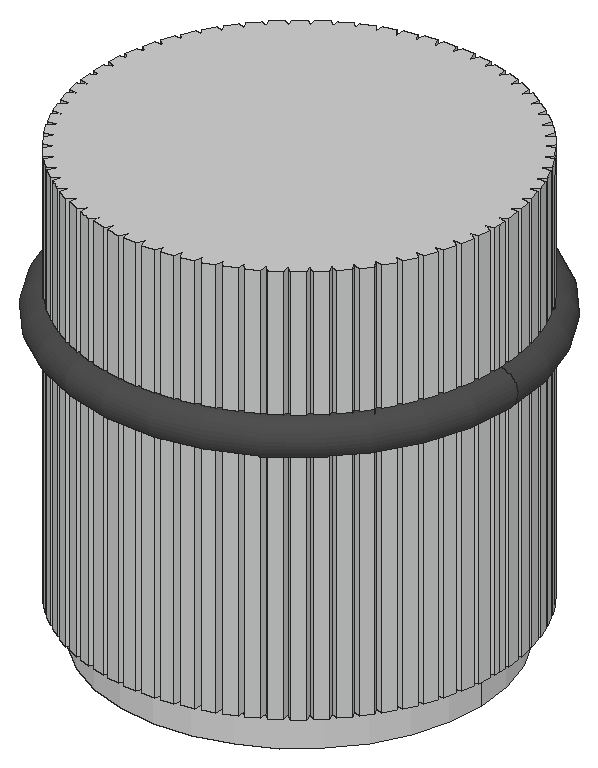
Revit family "ALMA-Jakob_Linear_Door_Stop", category Specialty Equipment, Revit 2026
Family settings
  Round Connector Dimension = Use Diameter
  Part Type = Normal
  Work Plane-Based = Yes
  Enable Cutting in Views = Yes
  Always vertical = Yes
  Cut with Voids When Loaded = No
  Maintain Annotation Orientation = No
  Shared = No
  Room Calculation Point = No
Parameters (values of type "CHROME")
  DoorStop_Material = BM_CHROME
  Default Elevation = 1219.2 mm
Types (7, lengths in mm): name | DoorStop_Material
  (no name) | BM_CHROME
  MATTE BLACK | BM_MATTE BLACK
  BRUSHED GUNMETAL | BM_GUNMETAL
  BRUSHED BRASS GOLD | BM_BRASS GOLD
  BRUSHED NICKEL | BM_NICKEL
  BRUSHED ANTIQUE BRASS | BM_ANTIQUE BRASS
  CHROME | BM_CHROME
Reference planes
  plane 1 "Center (Front/Back)": y = 0
  plane 2: z = 0
  plane 3 "Center (Left/Right)": x = 0
  plane 4: x = -11
  plane 5: x = 11
  plane 6: z = 24
  plane 7: z = 17
  plane 8: z = 2.021
  plane 9: z = 15.021
  plane 10: y = -11
  plane 11: y = 11
Forms (mm)
  Extrusion 1, solid, material "Stainless Steel_Base Plate"
    sketch origin (0, 0, 0) x (1, 0, 0) y (0, 1, 0)
      loop
        circle (0, 0) r 10
    from 0 to 2
  Extrusion 2, solid, material "BM_CHROME" <- "DoorStop_Material", detail levels medium+fine
    sketch origin (0, 0, 2) x (1, 0, 0) y (0, 1, 0)
      loop
        circle (0, 0) r 11
    from 0 to 22
  Extrusion 3, void
    sketch origin (0, 0.512, 0) x (1, 0, 0) y (0, 1, 0)
      loop
        line (0, 10.109) -> (0.4, 11.099) -> (-0.4, 11.099) -> (0, 10.109)
    from 2 to 24
  Extrusion 4, void
    sketch origin (-0.046, 0.51, 0) x (0.995974, 0.089639, 0) y (-0.089639, 0.995974, 0)
      loop
        line (0, 10.109) -> (0.4, 11.099) -> (-0.4, 11.099) -> (0, 10.109)
    from 2 to 24
  Extrusion 5, void
    sketch origin (0.046, 0.51, 0) x (0.995974, -0.089639, 0) y (0.089639, 0.995974, 0)
      loop
        line (0, 10.109) -> (0.4, 11.099) -> (-0.4, 11.099) -> (0, 10.109)
    from 2 to 24
  Extrusion 6, void
    sketch origin (0.091, 0.504, 0) x (0.98393, -0.178557, 0) y (0.178557, 0.98393, 0)
      loop
        line (0, 10.109) -> (0.4, 11.099) -> (-0.4, 11.099) -> (0, 10.109)
    from 2 to 24
  Extrusion 7, void
    sketch origin (0.136, 0.493, 0) x (0.963963, -0.266037, 0) y (0.266037, 0.963963, 0)
      loop
        line (0, 10.109) -> (0.4, 11.099) -> (-0.4, 11.099) -> (0, 10.109)
    from 2 to 24
  Extrusion 8, void
    sketch origin (0.18, 0.479, 0) x (0.936235, -0.351375, 0) y (0.351375, 0.936235, 0)
      loop
        line (0, 10.109) -> (0.4, 11.099) -> (-0.4, 11.099) -> (0, 10.109)
    from 2 to 24
  Extrusion 9, void
    sketch origin (0.222, 0.461, 0) x (0.900969, -0.433884, 0) y (0.433884, 0.900969, 0)
      loop
        line (0, 10.109) -> (0.4, 11.099) -> (-0.4, 11.099) -> (0, 10.109)
    from 2 to 24
  Extrusion 10, void
    sketch origin (0.263, 0.439, 0) x (0.858449, -0.512899, 0) y (0.512899, 0.858449, 0)
      loop
        line (0, 10.109) -> (0.4, 11.099) -> (-0.4, 11.099) -> (0, 10.109)
    from 2 to 24
  Extrusion 11, void
    sketch origin (0.301, 0.414, 0) x (0.809017, -0.587785, 0) y (0.587785, 0.809017, 0)
      loop
        line (0, 10.109) -> (0.4, 11.099) -> (-0.4, 11.099) -> (0, 10.109)
    from 2 to 24
  Extrusion 12, void
    sketch origin (0.337, 0.386, 0) x (0.753071, -0.657939, 0) y (0.657939, 0.753071, 0)
      loop
        line (0, 10.109) -> (0.4, 11.099) -> (-0.4, 11.099) -> (0, 10.109)
    from 2 to 24
  Extrusion 13, void
    sketch origin (0.37, 0.354, 0) x (0.691063, -0.722795, 0) y (0.722795, 0.691063, 0)
      loop
        line (0, 10.109) -> (0.4, 11.099) -> (-0.4, 11.099) -> (0, 10.109)
    from 2 to 24
  Extrusion 14, void
    sketch origin (0.4, 0.319, 0) x (0.62349, -0.781831, 0) y (0.781831, 0.62349, 0)
      loop
        line (0, 10.109) -> (0.4, 11.099) -> (-0.4, 11.099) -> (0, 10.109)
    from 2 to 24
  Extrusion 15, void
    sketch origin (0.427, 0.282, 0) x (0.550897, -0.834573, 0) y (0.834573, 0.550897, 0)
      loop
        line (0, 10.109) -> (0.4, 11.099) -> (-0.4, 11.099) -> (0, 10.109)
    from 2 to 24
  Extrusion 16, void
    sketch origin (0.451, 0.243, 0) x (0.473869, -0.880596, 0) y (0.880596, 0.473869, 0)
      loop
        line (0, 10.109) -> (0.4, 11.099) -> (-0.4, 11.099) -> (0, 10.109)
    from 2 to 24
  Extrusion 17, void
    sketch origin (0.471, 0.201, 0) x (0.393025, -0.919528, 0) y (0.919528, 0.393025, 0)
      loop
        line (0, 10.109) -> (0.4, 11.099) -> (-0.4, 11.099) -> (0, 10.109)
    from 2 to 24
  Extrusion 18, void
    sketch origin (0.487, 0.158, 0) x (0.309017, -0.951057, 0) y (0.951057, 0.309017, 0)
      loop
        line (0, 10.109) -> (0.4, 11.099) -> (-0.4, 11.099) -> (0, 10.109)
    from 2 to 24
  Extrusion 19, void
    sketch origin (0.499, 0.114, 0) x (0.222521, -0.974928, 0) y (0.974928, 0.222521, 0)
      loop
        line (0, 10.109) -> (0.4, 11.099) -> (-0.4, 11.099) -> (0, 10.109)
    from 2 to 24
  Extrusion 20, void
    sketch origin (0.507, 0.069, 0) x (0.134233, -0.99095, 0) y (0.99095, 0.134233, 0)
      loop
        line (0, 10.109) -> (0.4, 11.099) -> (-0.4, 11.099) -> (0, 10.109)
    from 2 to 24
  Extrusion 21, void
    sketch origin (0.511, 0.023, 0) x (0.044865, -0.998993, 0) y (0.998993, 0.044865, 0)
      loop
        line (0, 10.109) -> (0.4, 11.099) -> (-0.4, 11.099) -> (0, 10.109)
    from 2 to 24
  Extrusion 22, void
    sketch origin (0.511, -0.023, 0) x (-0.044865, -0.998993, 0) y (0.998993, -0.044865, 0)
      loop
        line (0, 10.109) -> (0.4, 11.099) -> (-0.4, 11.099) -> (0, 10.109)
    from 2 to 24
  Extrusion 23, void
    sketch origin (0.507, -0.069, 0) x (-0.134233, -0.99095, 0) y (0.99095, -0.134233, 0)
      loop
        line (0, 10.109) -> (0.4, 11.099) -> (-0.4, 11.099) -> (0, 10.109)
    from 2 to 24
  Extrusion 24, void
    sketch origin (0.499, -0.114, 0) x (-0.222521, -0.974928, 0) y (0.974928, -0.222521, 0)
      loop
        line (0, 10.109) -> (0.4, 11.099) -> (-0.4, 11.099) -> (0, 10.109)
    from 2 to 24
  Extrusion 25, void
    sketch origin (0.487, -0.158, 0) x (-0.309017, -0.951057, 0) y (0.951057, -0.309017, 0)
      loop
        line (0, 10.109) -> (0.4, 11.099) -> (-0.4, 11.099) -> (0, 10.109)
    from 2 to 24
  Extrusion 26, void
    sketch origin (0.471, -0.201, 0) x (-0.393025, -0.919528, 0) y (0.919528, -0.393025, 0)
      loop
        line (0, 10.109) -> (0.4, 11.099) -> (-0.4, 11.099) -> (0, 10.109)
    from 2 to 24
  Extrusion 27, void
    sketch origin (0.451, -0.243, 0) x (-0.473869, -0.880596, 0) y (0.880596, -0.473869, 0)
      loop
        line (0, 10.109) -> (0.4, 11.099) -> (-0.4, 11.099) -> (0, 10.109)
    from 2 to 24
  Extrusion 28, void
    sketch origin (0.427, -0.282, 0) x (-0.550897, -0.834573, 0) y (0.834573, -0.550897, 0)
      loop
        line (0, 10.109) -> (0.4, 11.099) -> (-0.4, 11.099) -> (0, 10.109)
    from 2 to 24
  Extrusion 29, void
    sketch origin (0.4, -0.319, 0) x (-0.62349, -0.781831, 0) y (0.781831, -0.62349, 0)
      loop
        line (0, 10.109) -> (0.4, 11.099) -> (-0.4, 11.099) -> (0, 10.109)
    from 2 to 24
  Extrusion 30, void
    sketch origin (0.37, -0.354, 0) x (-0.691063, -0.722795, 0) y (0.722795, -0.691063, 0)
      loop
        line (0, 10.109) -> (0.4, 11.099) -> (-0.4, 11.099) -> (0, 10.109)
    from 2 to 24
  Extrusion 31, void
    sketch origin (0.337, -0.386, 0) x (-0.753071, -0.657939, 0) y (0.657939, -0.753071, 0)
      loop
        line (0, 10.109) -> (0.4, 11.099) -> (-0.4, 11.099) -> (0, 10.109)
    from 2 to 24
  Extrusion 32, void
    sketch origin (0.301, -0.414, 0) x (-0.809017, -0.587785, 0) y (0.587785, -0.809017, 0)
      loop
        line (0, 10.109) -> (0.4, 11.099) -> (-0.4, 11.099) -> (0, 10.109)
    from 2 to 24
  Extrusion 33, void
    sketch origin (0.263, -0.439, 0) x (-0.858449, -0.512899, 0) y (0.512899, -0.858449, 0)
      loop
        line (0, 10.109) -> (0.4, 11.099) -> (-0.4, 11.099) -> (0, 10.109)
    from 2 to 24
  Extrusion 34, void
    sketch origin (0.222, -0.461, 0) x (-0.900969, -0.433884, 0) y (0.433884, -0.900969, 0)
      loop
        line (0, 10.109) -> (0.4, 11.099) -> (-0.4, 11.099) -> (0, 10.109)
    from 2 to 24
  Extrusion 35, void
    sketch origin (0.18, -0.479, 0) x (-0.936235, -0.351375, 0) y (0.351375, -0.936235, 0)
      loop
        line (0, 10.109) -> (0.4, 11.099) -> (-0.4, 11.099) -> (0, 10.109)
    from 2 to 24
  Extrusion 36, void
    sketch origin (0.136, -0.493, 0) x (-0.963963, -0.266037, 0) y (0.266037, -0.963963, 0)
      loop
        line (0, 10.109) -> (0.4, 11.099) -> (-0.4, 11.099) -> (0, 10.109)
    from 2 to 24
  Extrusion 37, void
    sketch origin (0.091, -0.504, 0) x (-0.98393, -0.178557, 0) y (0.178557, -0.98393, 0)
      loop
        line (0, 10.109) -> (0.4, 11.099) -> (-0.4, 11.099) -> (0, 10.109)
    from 2 to 24
  Extrusion 38, void
    sketch origin (0.046, -0.51, 0) x (-0.995974, -0.089639, 0) y (0.089639, -0.995974, 0)
      loop
        line (0, 10.109) -> (0.4, 11.099) -> (-0.4, 11.099) -> (0, 10.109)
    from 2 to 24
  Extrusion 39, void
    sketch origin (0, -0.512, 0) x (-1, 0, 0) y (0, -1, 0)
      loop
        line (0, 10.109) -> (0.4, 11.099) -> (-0.4, 11.099) -> (0, 10.109)
    from 2 to 24
  Extrusion 40, void
    sketch origin (-0.046, -0.51, 0) x (-0.995974, 0.089639, 0) y (-0.089639, -0.995974, 0)
      loop
        line (0, 10.109) -> (0.4, 11.099) -> (-0.4, 11.099) -> (0, 10.109)
    from 2 to 24
  Extrusion 41, void
    sketch origin (-0.091, -0.504, 0) x (-0.98393, 0.178557, 0) y (-0.178557, -0.98393, 0)
      loop
        line (0, 10.109) -> (0.4, 11.099) -> (-0.4, 11.099) -> (0, 10.109)
    from 2 to 24
  Extrusion 42, void
    sketch origin (-0.136, -0.493, 0) x (-0.963963, 0.266037, 0) y (-0.266037, -0.963963, 0)
      loop
        line (0, 10.109) -> (0.4, 11.099) -> (-0.4, 11.099) -> (0, 10.109)
    from 2 to 24
  Extrusion 43, void
    sketch origin (-0.18, -0.479, 0) x (-0.936235, 0.351375, 0) y (-0.351375, -0.936235, 0)
      loop
        line (0, 10.109) -> (0.4, 11.099) -> (-0.4, 11.099) -> (0, 10.109)
    from 2 to 24
  Extrusion 44, void
    sketch origin (-0.222, -0.461, 0) x (-0.900969, 0.433884, 0) y (-0.433884, -0.900969, 0)
      loop
        line (0, 10.109) -> (0.4, 11.099) -> (-0.4, 11.099) -> (0, 10.109)
    from 2 to 24
  Extrusion 45, void
    sketch origin (-0.263, -0.439, 0) x (-0.858449, 0.512899, 0) y (-0.512899, -0.858449, 0)
      loop
        line (0, 10.109) -> (0.4, 11.099) -> (-0.4, 11.099) -> (0, 10.109)
    from 2 to 24
  Extrusion 46, void
    sketch origin (-0.301, -0.414, 0) x (-0.809017, 0.587785, 0) y (-0.587785, -0.809017, 0)
      loop
        line (0, 10.109) -> (0.4, 11.099) -> (-0.4, 11.099) -> (0, 10.109)
    from 2 to 24
  Extrusion 47, void
    sketch origin (-0.337, -0.386, 0) x (-0.753071, 0.657939, 0) y (-0.657939, -0.753071, 0)
      loop
        line (0, 10.109) -> (0.4, 11.099) -> (-0.4, 11.099) -> (0, 10.109)
    from 2 to 24
  Extrusion 48, void
    sketch origin (-0.37, -0.354, 0) x (-0.691063, 0.722795, 0) y (-0.722795, -0.691063, 0)
      loop
        line (0, 10.109) -> (0.4, 11.099) -> (-0.4, 11.099) -> (0, 10.109)
    from 2 to 24
  Extrusion 49, void
    sketch origin (-0.4, -0.319, 0) x (-0.62349, 0.781831, 0) y (-0.781831, -0.62349, 0)
      loop
        line (0, 10.109) -> (0.4, 11.099) -> (-0.4, 11.099) -> (0, 10.109)
    from 2 to 24
  Extrusion 50, void
    sketch origin (-0.427, -0.282, 0) x (-0.550897, 0.834573, 0) y (-0.834573, -0.550897, 0)
      loop
        line (0, 10.109) -> (0.4, 11.099) -> (-0.4, 11.099) -> (0, 10.109)
    from 2 to 24
  Extrusion 51, void
    sketch origin (-0.451, -0.243, 0) x (-0.473869, 0.880596, 0) y (-0.880596, -0.473869, 0)
      loop
        line (0, 10.109) -> (0.4, 11.099) -> (-0.4, 11.099) -> (0, 10.109)
    from 2 to 24
  Extrusion 52, void
    sketch origin (-0.471, -0.201, 0) x (-0.393025, 0.919528, 0) y (-0.919528, -0.393025, 0)
      loop
        line (0, 10.109) -> (0.4, 11.099) -> (-0.4, 11.099) -> (0, 10.109)
    from 2 to 24
  Extrusion 53, void
    sketch origin (-0.487, -0.158, 0) x (-0.309017, 0.951057, 0) y (-0.951057, -0.309017, 0)
      loop
        line (0, 10.109) -> (0.4, 11.099) -> (-0.4, 11.099) -> (0, 10.109)
    from 2 to 24
  Extrusion 54, void
    sketch origin (-0.499, -0.114, 0) x (-0.222521, 0.974928, 0) y (-0.974928, -0.222521, 0)
      loop
        line (0, 10.109) -> (0.4, 11.099) -> (-0.4, 11.099) -> (0, 10.109)
    from 2 to 24
  Extrusion 55, void
    sketch origin (-0.507, -0.069, 0) x (-0.134233, 0.99095, 0) y (-0.99095, -0.134233, 0)
      loop
        line (0, 10.109) -> (0.4, 11.099) -> (-0.4, 11.099) -> (0, 10.109)
    from 2 to 24
  Extrusion 56, void
    sketch origin (-0.511, -0.023, 0) x (-0.044865, 0.998993, 0) y (-0.998993, -0.044865, 0)
      loop
        line (0, 10.109) -> (0.4, 11.099) -> (-0.4, 11.099) -> (0, 10.109)
    from 2 to 24
  Extrusion 57, void
    sketch origin (-0.511, 0.023, 0) x (0.044865, 0.998993, 0) y (-0.998993, 0.044865, 0)
      loop
        line (0, 10.109) -> (0.4, 11.099) -> (-0.4, 11.099) -> (0, 10.109)
    from 2 to 24
  Extrusion 58, void
    sketch origin (-0.507, 0.069, 0) x (0.134233, 0.99095, 0) y (-0.99095, 0.134233, 0)
      loop
        line (0, 10.109) -> (0.4, 11.099) -> (-0.4, 11.099) -> (0, 10.109)
    from 2 to 24
  Extrusion 59, void
    sketch origin (-0.499, 0.114, 0) x (0.222521, 0.974928, 0) y (-0.974928, 0.222521, 0)
      loop
        line (0, 10.109) -> (0.4, 11.099) -> (-0.4, 11.099) -> (0, 10.109)
    from 2 to 24
  Extrusion 60, void
    sketch origin (-0.487, 0.158, 0) x (0.309017, 0.951057, 0) y (-0.951057, 0.309017, 0)
      loop
        line (0, 10.109) -> (0.4, 11.099) -> (-0.4, 11.099) -> (0, 10.109)
    from 2 to 24
  Extrusion 61, void
    sketch origin (-0.471, 0.201, 0) x (0.393025, 0.919528, 0) y (-0.919528, 0.393025, 0)
      loop
        line (0, 10.109) -> (0.4, 11.099) -> (-0.4, 11.099) -> (0, 10.109)
    from 2 to 24
  Extrusion 62, void
    sketch origin (-0.451, 0.243, 0) x (0.473869, 0.880596, 0) y (-0.880596, 0.473869, 0)
      loop
        line (0, 10.109) -> (0.4, 11.099) -> (-0.4, 11.099) -> (0, 10.109)
    from 2 to 24
  Extrusion 63, void
    sketch origin (-0.427, 0.282, 0) x (0.550897, 0.834573, 0) y (-0.834573, 0.550897, 0)
      loop
        line (0, 10.109) -> (0.4, 11.099) -> (-0.4, 11.099) -> (0, 10.109)
    from 2 to 24
  Extrusion 64, void
    sketch origin (-0.4, 0.319, 0) x (0.62349, 0.781831, 0) y (-0.781831, 0.62349, 0)
      loop
        line (0, 10.109) -> (0.4, 11.099) -> (-0.4, 11.099) -> (0, 10.109)
    from 2 to 24
  Extrusion 65, void
    sketch origin (-0.37, 0.354, 0) x (0.691063, 0.722795, 0) y (-0.722795, 0.691063, 0)
      loop
        line (0, 10.109) -> (0.4, 11.099) -> (-0.4, 11.099) -> (0, 10.109)
    from 2 to 24
  Extrusion 66, void
    sketch origin (-0.337, 0.386, 0) x (0.753071, 0.657939, 0) y (-0.657939, 0.753071, 0)
      loop
        line (0, 10.109) -> (0.4, 11.099) -> (-0.4, 11.099) -> (0, 10.109)
    from 2 to 24
  Extrusion 67, void
    sketch origin (-0.301, 0.414, 0) x (0.809017, 0.587785, 0) y (-0.587785, 0.809017, 0)
      loop
        line (0, 10.109) -> (0.4, 11.099) -> (-0.4, 11.099) -> (0, 10.109)
    from 2 to 24
  Extrusion 68, void
    sketch origin (-0.263, 0.439, 0) x (0.858449, 0.512899, 0) y (-0.512899, 0.858449, 0)
      loop
        line (0, 10.109) -> (0.4, 11.099) -> (-0.4, 11.099) -> (0, 10.109)
    from 2 to 24
  Extrusion 69, void
    sketch origin (-0.222, 0.461, 0) x (0.900969, 0.433884, 0) y (-0.433884, 0.900969, 0)
      loop
        line (0, 10.109) -> (0.4, 11.099) -> (-0.4, 11.099) -> (0, 10.109)
    from 2 to 24
  Extrusion 70, void
    sketch origin (-0.18, 0.479, 0) x (0.936235, 0.351375, 0) y (-0.351375, 0.936235, 0)
      loop
        line (0, 10.109) -> (0.4, 11.099) -> (-0.4, 11.099) -> (0, 10.109)
    from 2 to 24
  Extrusion 71, void
    sketch origin (-0.136, 0.493, 0) x (0.963963, 0.266037, 0) y (-0.266037, 0.963963, 0)
      loop
        line (0, 10.109) -> (0.4, 11.099) -> (-0.4, 11.099) -> (0, 10.109)
    from 2 to 24
  Extrusion 72, void
    sketch origin (-0.091, 0.504, 0) x (0.98393, 0.178557, 0) y (-0.178557, 0.98393, 0)
      loop
        line (0, 10.109) -> (0.4, 11.099) -> (-0.4, 11.099) -> (0, 10.109)
    from 2 to 24
  Sweep 73, solid, material "Black Rubber_Bumper"
    path in 3D
      loop
        arc (-11, 0, 17) -> (0, -11, 17) -> (11, 0, 17) r 11
        arc (11, 0, 17) -> (0, 11, 17) -> (-11, 0, 17) r 11
    profile origin (0, 11, 17) x (0, 1, 0) y (0, 0, -1)
      loop
        arc (0, 0) -> (0.99, 0.99) -> (0, 1.979) r 0.99
        line (0, 1.979) -> (0, 0)
  Extrusion 74, void
    sketch origin (0, 0, 0) x (1, 0, 0) y (0, 1, 0)
      loop
        circle (0, 0) r 3.474
    from 0 to 3.5
  Extrusion 75, solid, material "BM_CHROME" <- "DoorStop_Material", detail levels coarse
    sketch origin (0, 0, 0) x (1, 0, 0) y (0, 1, 0)
      loop
        circle (0, 0) r 11
    from 2 to 24
Cuts and joins
  Extrusion 3, Extrusion 4, Extrusion 5, Extrusion 6, Extrusion 7, Extrusion 8, Extrusion 9, Extrusion 10, Extrusion 11, Extrusion 12, Extrusion 13, Extrusion 14, Extrusion 15, Extrusion 16, Extrusion 17, Extrusion 18, Extrusion 19, Extrusion 20, Extrusion 21, Extrusion 22, Extrusion 23, Extrusion 24, Extrusion 25, Extrusion 26, Extrusion 27, Extrusion 28, Extrusion 29, Extrusion 30, Extrusion 31, Extrusion 32, Extrusion 33, Extrusion 34, Extrusion 35, Extrusion 36, Extrusion 37, Extrusion 38, Extrusion 39, Extrusion 40, Extrusion 41, Extrusion 42, Extrusion 43, Extrusion 44, Extrusion 45, Extrusion 46, Extrusion 47, Extrusion 48, Extrusion 49, Extrusion 50, Extrusion 51, Extrusion 52, Extrusion 53, Extrusion 54, Extrusion 55, Extrusion 56, Extrusion 57, Extrusion 58, Extrusion 59, Extrusion 60, Extrusion 61, Extrusion 62, Extrusion 63, Extrusion 64, Extrusion 65, Extrusion 66, Extrusion 67, Extrusion 68, Extrusion 69, Extrusion 70, Extrusion 71, Extrusion 72, Extrusion 74 cuts Extrusion 2
  Extrusion 74 cuts Extrusion 1
Lines and regions (mm)
  sketch lines
    curve 1: arc (11, 0, 17) -> (0, 11, 17) -> (-11, 0, 17) r 11
    curve 2: arc (-11, 0, 17) -> (0, -11, 17) -> (11, 0, 17) r 11
Text (mm)
  text "Refer to www.buildmat.com.au for the most current product literature. \nAllow a +/- 5mm tolerance for dimensions shown in the product literature. \nPlease note product details are subject to change due to ongoing product development." at (-1.255, -41.07, 0), in view "Ref. Level"
Dimensions and locks
  equal spacing: plane 4, plane 3 "Center (Left/Right)", plane 5
  equal spacing: plane 11, plane 1 "Center (Front/Back)", plane 10
  aligned and locked: level to plane 2
Automatic sketch dimensions
  plane 1 "Center (Front/Back)" to Extrusion 1 sketch curve = 0 mm
  Extrusion 1 sketch curve to plane 3 "Center (Left/Right)" = 0 mm
  Sweep 73 sketch curve to profile plane = 0 mm
  profile plane to Sweep 73 sketch curve = 0 mm
  profile plane to Sweep 73 sketch curve = 0.99 mm
  plane 1 "Center (Front/Back)" to Extrusion 74 sketch curve = 0 mm
  Extrusion 74 sketch curve to plane 3 "Center (Left/Right)" = 0 mm
  plane 1 "Center (Front/Back)" to Extrusion 75 sketch curve = 0 mm
  Extrusion 75 sketch curve to plane 3 "Center (Left/Right)" = 0 mm
  radius of Extrusion 1 sketch curve = 10 mm
  radius of Extrusion 1 to Extrusion 2 sketch curve = 1 mm
  radius of Extrusion 74 sketch curve = 3.474 mm
  radius of Extrusion 75 sketch curve = 11 mm
